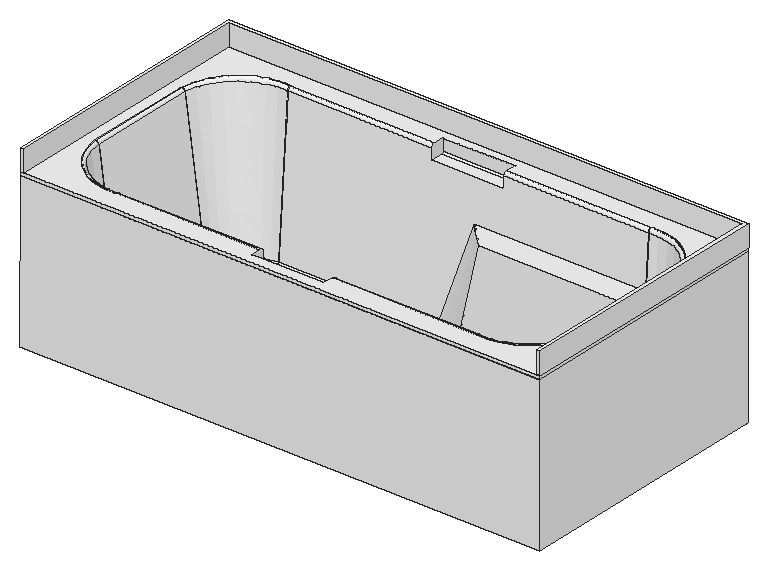
Revit family "Bathtub-Aquatic-MONTROSE_II", category Plumbing Fixtures, Revit 2020
Family settings
  Round Connector Dimension = Use Radius
  Part Type = Normal
  OmniClass Number = 23.45.05.14.21.17
  OmniClass Title = Therapeutic Whirlpool Baths
  Work Plane-Based = No
  Always vertical = Yes
  Cut with Voids When Loaded = No
  Shared = No
  Room Calculation Point = No
Parameters (values of type "72" x 36" x 21 3/4"")
  Width = 6' - 0"  # constant formula
  Whirlpool = yes
  Water Supply = "MONTROSE II Supply"  # constant formula
  URL = "http://www.aquaticbath.com"
  Type Comments = "MONTROSE II"  # constant formula
  Tag = "BATHTUB"
  Supply Radius = 0' - 0 1/2"
  Series = "Hydrotherapy"  # constant formula
  Revision Date = "5/1/2012"  # constant formula
  Model = if(Whirlpool, "4272621", "427620")  # "4272621"
  MasterFormat Title = "Resitential Bathtubs"  # constant formula
  MasterFormat Number = "22.41.19"  # constant formula
  Manufacturer = "Aquatic"  # constant formula
  LEED = ""
  Height = 1' - 9 3/4"  # constant formula
  Flow = 0.0 L/s
  Drain Radius = 0' - 1"
  Description = "Acrylic Surface"  # constant formula
  Depth = 3' - 0"  # constant formula
  Default Elevation = 0' - 0"
  Created by = "CADdetails Ltd."  # constant formula
  Drain = "MONTROSE II Drain"  # constant formula
  Finish = Acrylic-Aquatic-White
  Assembly Code = "D2010710"
  Architectural Design Manual = "http://www.aquaticbath.com/Products/Hydrotherapy/Builders-Choice/MONTROSE-II.aspx"
  ADA = no
Reference planes (in)
  plane 1 "Center (Front/Back)": y = -6.42129
  plane 2 "x": z = 3.75
  plane 3 "Center (Left/Right)": x = 2.56352
  plane 4 "Left": x = -33.43648
  plane 5 "Right": x = 38.56352
  plane 6 "Top": z = 21.75
  plane 7 "Bottom": z = 0
  plane 8: x = -24.93648
  plane 9 "Back": y = 11.57871
  plane 10 "Front": y = -24.42129
  plane 11 "Plane Left": x = -31.43648
  plane 12 "Plane Right": x = 36.56352
  plane 13: y = 8.57871
  plane 14: y = -21.42129
Forms (in)
  Extrusion 1, solid, material "Acrylic-Aquatic-White" <- "Finish"
    sketch origin (0, 0, 3.75) x (1, 0, 0) y (0, 1, 0)
      loop
        arc (-22.43648, 5.9023) -> (-25.97202, 4.43784) -> (-27.43648, 0.9023) r 5
        line (-27.43648, 0.9023) -> (-27.43648, -13.99488)
        arc (-27.43648, -13.99488) -> (-25.97202, -17.53041) -> (-22.43648, -18.99488) r 5
        line (-22.43648, -18.99488) -> (27.56352, -18.99488)
        arc (27.56352, -18.99488) -> (31.09905, -17.53041) -> (32.56352, -13.99488) r 5
        line (32.56352, -13.99488) -> (32.56352, 0.9023)
        arc (32.56352, 0.9023) -> (31.09905, 4.43784) -> (27.56352, 5.9023) r 5
        line (27.56352, 5.9023) -> (-22.43648, 5.9023)
      loop
        circle (-24.93648, -6.42129) r 1
    from -3.75 to -3.5
  Extrusion 2, solid, not visible, detail levels fine
    sketch origin (0, 0, 3.75) x (1, 0, 0) y (0, 1, 0)
      loop
        circle (-24.93648, -6.42129) r 1
    from -3.75 to -3.5
  Sweep 3, solid, material "Acrylic-Aquatic-White" <- "Finish"
    path origin (0, 0, 3.75) x (1, 0, 0) y (0, 1, 0)
      loop
        line (-22.43648, -6.42129) -> (27.56352, -6.42129)
    profile origin (2.56352, -6.42129, 3.75) x (0, 1, 0) y (0, 0, 1)
      loop
        line (14.51884, 17.5949) -> (12.93789, -2.94688)
        arc (12.93789, -2.94688) -> (12.7369, -3.34135) -> (12.32359, -3.5) r 0.61768
        line (12.32359, -3.5) -> (12.32359, -3.75) -> (13.35623, -3.75) -> (14.89196, 16) -> (16.5, 16) -> (16.5, 18) -> (14.96875, 18)
        arc (14.96875, 18) -> (14.66604, 17.8838) -> (14.51884, 17.5949) r 0.45239
      loop
        arc (-14.76884, 17.5949) -> (-14.91605, 17.8838) -> (-15.21875, 18) r 0.45239
        line (-15.21875, 18) -> (-16.75, 18) -> (-16.75, 16) -> (-15.14196, 16) -> (-13.60623, -3.75) -> (-12.57359, -3.75) -> (-12.57359, -3.5)
        arc (-12.57359, -3.5) -> (-12.9869, -3.34135) -> (-13.18789, -2.94688) r 0.61768
        line (-13.18789, -2.94688) -> (-14.76884, 17.5949)
  SweptBlend 4, solid, material "Acrylic-Aquatic-White" <- "Finish"
    path origin (-1.12409, -9.85259, 3.75) x (1, 0, 0) y (0, -1, 0)
      loop
        arc (28.6876, 9.14228) -> (32.22314, 7.67782) -> (33.6876, 4.14228) r 5
    profile origin (27.56352, -18.99488, 3.75) x (0, 1, 0) y (0, 0, 1)
      loop
        arc (-2.19525, 17.5949) -> (-2.34245, 17.8838) -> (-2.64516, 18) r 0.45239
        line (-2.64516, 18) -> (-2.67641, 18) -> (-2.67641, 17.38944) -> (-1.03264, -3.75) -> (0, -3.75) -> (0, -3.5)
        arc (0, -3.5) -> (-0.41331, -3.34135) -> (-0.6143, -2.94688) r 0.61768
        line (-0.6143, -2.94688) -> (-2.19525, 17.5949)
    end profile origin (32.56352, -13.99488, 3.75) x (-1, 0, 0) y (0, 0, 1)
      loop
        arc (-3.52455, 17.63327) -> (-3.68074, 17.89647) -> (-3.96875, 18) r 0.45239
        line (-3.96875, 18) -> (-4, 18) -> (-4, 17.45821) -> (-0.97095, -3.75) -> (0, -3.75) -> (0, -3.5)
        arc (0, -3.5) -> (-0.39325, -3.35864) -> (-0.60651, -2.99927) r 0.61768
        line (-0.60651, -2.99927) -> (-3.52455, 17.63327)
  Extrusion 5, solid, material "Acrylic-Aquatic-White" <- "Finish"
    sketch origin (0, -6.42129, 0) x (1, 0, 0) y (0, 0, 1)
      loop
        line (36.08806, 21.38321) -> (33.17002, 0.75073)
        arc (33.17002, 0.75073) -> (32.95677, 0.39136) -> (32.56352, 0.25) r 0.61768
        line (32.56352, 0.25) -> (32.56352, 0) -> (33.53447, 0) -> (36.56352, 21.20821) -> (36.56352, 21.75) -> (36.53229, 21.75)
        arc (36.53229, 21.75) -> (36.24425, 21.64645) -> (36.08806, 21.38321) r 0.45241
      loop
        arc (-30.96102, 21.38321) -> (-31.11721, 21.64645) -> (-31.40526, 21.75) r 0.45241
        line (-31.40526, 21.75) -> (-31.43648, 21.75) -> (-31.43648, 21.20821) -> (-28.40744, 0) -> (-27.43648, 0) -> (-27.43648, 0.25)
        arc (-27.43648, 0.25) -> (-27.82973, 0.39136) -> (-28.04299, 0.75073) r 0.61768
        line (-28.04299, 0.75073) -> (-30.96102, 21.38321)
    from -7.32359 to 7.57359
  Extrusion 6, solid, material "Acrylic-Aquatic-White" <- "Finish"
    sketch origin (-61.16723, -60, 21.75) x (-1, 0, 0) y (0, -1, 0)
      loop
        line (-27.73075, -71.57871) -> (-27.73075, -35.57871) -> (-99.73075, -35.57871) -> (-99.73075, -71.57871) -> (-27.73075, -71.57871)
      loop
        line (-29.73075, -60.9023) -> (-29.73075, -46.00512)
        spline (-29.73075, -46.00512) -> (-29.91748, -44.84494) -> (-30.25103, -43.73311) -> (-30.72173, -42.6878) -> (-31.31868, -41.72594) -> (-32.02833, -40.8623) -> (-32.83494, -40.10959) -> (-33.72196, -39.47785) -> (-34.67204, -38.97528) -> (-35.6665, -38.60759) -> (-36.68669, -38.3777) -> (-37.71424, -38.28536) -> (-38.73075, -38.32871)
        line (-38.73075, -38.32871) -> (-88.73075, -38.32871)
        spline (-88.73075, -38.32871) -> (-89.74726, -38.28536) -> (-90.77481, -38.3777) -> (-91.795, -38.60759) -> (-92.78946, -38.97528) -> (-93.73954, -39.47785) -> (-94.62655, -40.10959) -> (-95.43316, -40.8623) -> (-96.14282, -41.72594) -> (-96.73977, -42.6878) -> (-97.21047, -43.73311) -> (-97.54402, -44.84494) -> (-97.73075, -46.00512)
        line (-97.73075, -46.00512) -> (-97.73075, -60.9023)
        spline (-97.73075, -60.9023) -> (-97.54402, -62.06249) -> (-97.21047, -63.17432) -> (-96.73977, -64.21963) -> (-96.14282, -65.18149) -> (-95.43316, -66.04512) -> (-94.62655, -66.79784) -> (-93.73954, -67.42958) -> (-92.78946, -67.93215) -> (-91.795, -68.29983) -> (-90.77481, -68.52973) -> (-89.74726, -68.62207) -> (-88.73075, -68.57871)
        line (-88.73075, -68.57871) -> (-38.73075, -68.57871)
        spline (-38.73075, -68.57871) -> (-37.71424, -68.62207) -> (-36.68669, -68.52973) -> (-35.6665, -68.29983) -> (-34.67204, -67.93215) -> (-33.72196, -67.42958) -> (-32.83494, -66.79784) -> (-32.02833, -66.04512) -> (-31.31868, -65.18149) -> (-30.72173, -64.21963) -> (-30.25103, -63.17432) -> (-29.91748, -62.06249) -> (-29.73075, -60.9023)
    from 0 to -0.5
  SweptBlend 7, solid, material "Acrylic-Aquatic-White" <- "Finish"
    path origin (6.12703, 0.32359, 3.75) x (-1, 0, 0) y (0, 1, 0)
      loop
        arc (28.56352, 5.57871) -> (32.09905, 4.11425) -> (33.56352, 0.57871) r 5
    profile origin (-22.43648, 5.9023, 3.75) x (0, -1, 0) y (0, 0, 1)
      loop
        arc (-2.19525, 17.5949) -> (-2.34245, 17.8838) -> (-2.64516, 18) r 0.45239
        line (-2.64516, 18) -> (-2.67641, 18) -> (-2.67641, 17.38944) -> (-1.03264, -3.75) -> (0, -3.75) -> (0, -3.5)
        arc (0, -3.5) -> (-0.41331, -3.34135) -> (-0.6143, -2.94688) r 0.61768
        line (-0.6143, -2.94688) -> (-2.19525, 17.5949)
    end profile origin (-27.43648, 0.9023, 3.75) x (1, 0, 0) y (0, 0, 1)
      loop
        arc (-3.52455, 17.63327) -> (-3.68074, 17.89647) -> (-3.96875, 18) r 0.45239
        line (-3.96875, 18) -> (-4, 18) -> (-4, 17.45821) -> (-0.97095, -3.75) -> (0, -3.75) -> (0, -3.5)
        arc (0, -3.5) -> (-0.39325, -3.35864) -> (-0.60651, -2.99927) r 0.61768
        line (-0.60651, -2.99927) -> (-3.52455, 17.63327)
  SweptBlend 8, solid, material "Acrylic-Aquatic-White" <- "Finish"
    path origin (6.25112, -9.85259, 3.75) x (-1, 0, 0) y (0, -1, 0)
      loop
        arc (28.6876, 9.14228) -> (32.22314, 7.67782) -> (33.6876, 4.14228) r 5
    profile origin (-22.43648, -18.99488, 3.75) x (0, -1, 0) y (0, 0, 1)
      loop
        line (2.19525, 17.5949) -> (0.6143, -2.94688)
        arc (0.6143, -2.94688) -> (0.41331, -3.34135) -> (0, -3.5) r 0.61768
        line (0, -3.5) -> (0, -3.75) -> (1.03264, -3.75) -> (2.67641, 17.38944) -> (2.67641, 18) -> (2.64516, 18)
        arc (2.64516, 18) -> (2.34245, 17.8838) -> (2.19525, 17.5949) r 0.45239
    end profile origin (-27.43648, -13.99488, 3.75) x (-1, 0, 0) y (0, 0, 1)
      loop
        line (3.52455, 17.63327) -> (0.60651, -2.99927)
        arc (0.60651, -2.99927) -> (0.39325, -3.35864) -> (0, -3.5) r 0.61768
        line (0, -3.5) -> (0, -3.75) -> (0.97095, -3.75) -> (4, 17.45821) -> (4, 18) -> (3.96875, 18)
        arc (3.96875, 18) -> (3.68074, 17.89647) -> (3.52455, 17.63327) r 0.45239
  SweptBlend 9, solid, material "Acrylic-Aquatic-White" <- "Finish"
    path origin (-1, 0.32359, 3.75) x (1, 0, 0) y (0, 1, 0)
      loop
        arc (28.56352, 5.57871) -> (32.09905, 4.11425) -> (33.56352, 0.57871) r 5
    profile origin (27.56352, 5.9023, 3.75) x (0, 1, 0) y (0, 0, 1)
      loop
        line (2.19525, 17.5949) -> (0.6143, -2.94688)
        arc (0.6143, -2.94688) -> (0.41331, -3.34135) -> (0, -3.5) r 0.61768
        line (0, -3.5) -> (0, -3.75) -> (1.03264, -3.75) -> (2.67641, 17.38944) -> (2.67641, 18) -> (2.64516, 18)
        arc (2.64516, 18) -> (2.34245, 17.8838) -> (2.19525, 17.5949) r 0.45239
    end profile origin (32.56352, 0.9023, 3.75) x (1, 0, 0) y (0, 0, 1)
      loop
        line (3.52455, 17.63327) -> (0.60651, -2.99927)
        arc (0.60651, -2.99927) -> (0.39325, -3.35864) -> (0, -3.5) r 0.61768
        line (0, -3.5) -> (0, -3.75) -> (0.97095, -3.75) -> (4, 17.45821) -> (4, 18) -> (3.96875, 18)
        arc (3.96875, 18) -> (3.68074, 17.89647) -> (3.52455, 17.63327) r 0.45239
  Extrusion 10, void
    sketch origin (2.56352, 0, 0) x (0, 1, 0) y (0, 0, 1)
      loop
        line (10.01621, 21.75) -> (7.84936, 21.75) -> (7.84936, 19.8125) -> (9.76621, 19.8125)
        arc (9.76621, 19.8125) -> (9.94299, 19.88572) -> (10.01621, 20.0625) r 0.25
        line (10.01621, 20.0625) -> (10.01621, 21.75)
      loop
        line (-23.10879, 21.75) -> (-23.10879, 20.0625)
        arc (-23.10879, 20.0625) -> (-23.03557, 19.88572) -> (-22.85879, 19.8125) r 0.25
        line (-22.85879, 19.8125) -> (-20.93766, 19.8125) -> (-20.93766, 21.75) -> (-23.10879, 21.75)
    from -5 to 5
  Blend 11, solid, material "Acrylic-Aquatic-White" <- "Finish", detail levels medium+fine
    base sketch origin (0, 0, 3.75) x (1, 0, 0) y (0, 1, 0)
      loop
        line (27.56352, 6.5166) -> (-0.88264, 6.5166) -> (4.31352, 3.5166) -> (30.55576, 3.5166)
        arc (30.55576, 3.5166) -> (32.40435, 2.75089) -> (33.17006, 0.9023) r 2.6143
        spline (33.17006, 0.9023) -> (33.1225, 1.63462) -> (32.97977, 2.35446) -> (32.74432, 3.04952) -> (32.42016, 3.7079) -> (32.01286, 4.31835) -> (31.52937, 4.87041) -> (30.97796, 5.35464) -> (30.36807, 5.76277) -> (29.71014, 6.08781) -> (29.0154, 6.3242) -> (28.29576, 6.4679) -> (27.56352, 6.5166)
    top sketch origin (0, 0, 3.75) x (1, 0, 0) y (0, 1, 0)
      loop
        line (28.55289, 8.0166) -> (3.31352, 8.0166) -> (7.31352, 4.0166) -> (32.55576, 4.0166)
        arc (32.55576, 4.0166) -> (34.40536, 3.24987) -> (35.17006, 1.39943) r 2.6143
        arc (35.17006, 1.39943) -> (33.23193, 6.07848) -> (28.55289, 8.0166) r 6.61717
    from -3.75 to 10.57422
  Blend 12, solid, material "Acrylic-Aquatic-White" <- "Finish", detail levels medium+fine
    base sketch origin (0, 0, 0) x (-1, 0, 0) y (0, -1, 0)
      loop
        spline (-27.56352, 19.60918) -> (-28.296, 19.56044) -> (-29.01587, 19.41665) -> (-29.7108, 19.18011) -> (-30.3689, 18.85487) -> (-30.97891, 18.44649) -> (-31.53038, 17.96197) -> (-32.01388, 17.40959) -> (-32.42112, 16.79882) -> (-32.74514, 16.14011) -> (-32.98039, 15.44473) -> (-33.12284, 14.72459) -> (-33.17006, 13.99201)
        arc (-33.17006, 13.99201) -> (-32.40536, 15.84245) -> (-30.55576, 16.60918) r 2.6143
        line (-30.55576, 16.60918) -> (-4.31352, 16.60918) -> (0.88264, 19.60918) -> (-27.56352, 19.60918)
    top sketch origin (0, 0, 0) x (-1, 0, 0) y (0, -1, 0)
      loop
        arc (-28.55289, 21.10918) -> (-33.23193, 19.17105) -> (-35.17006, 14.49201) r 6.61717
        arc (-35.17006, 14.49201) -> (-34.40536, 16.34245) -> (-32.55576, 17.10918) r 2.6143
        line (-32.55576, 17.10918) -> (-7.31352, 17.10918) -> (-3.31352, 21.10918) -> (-28.55289, 21.10918)
    from 0 to 14.32422
  Extrusion 13, solid, material "Acrylic-Aquatic-White" <- "Finish"
    sketch origin (0, 0, 0) x (-1, 0, 0) y (0, -1, 0)
      loop
        line (33.43648, -11.57871) -> (33.43648, 24.42129) -> (-38.56352, 24.42129) -> (-38.56352, -11.57871) -> (33.43648, -11.57871)
      loop
        line (33.31148, -11.45371) -> (33.31148, 24.29629) -> (-38.43852, 24.29629) -> (-38.43852, -11.45371) -> (33.31148, -11.45371)
    from 0 to 21.25
  Extrusion 14, solid, material "Acrylic-Aquatic-White" <- "Finish", detail levels fine
    sketch origin (-61.16723, -60, 21.75) x (-1, 0, 0) y (0, -1, 0)
      loop
        line (-27.73075, -71.57871) -> (-27.73075, -35.57871) -> (-28.23075, -35.57871) -> (-28.23075, -71.07871) -> (-99.23075, -71.07871) -> (-99.23075, -35.57871) -> (-99.73075, -35.57871) -> (-99.73075, -71.57871) -> (-27.73075, -71.57871)
    from 0 to 3
Cuts and joins
  Extrusion 10 cuts Extrusion 1
  Extrusion 10 cuts Extrusion 5
  joined: Extrusion 1, Extrusion 5
  Extrusion 10 cuts Sweep 3
  Extrusion 10 cuts Extrusion 6
  joined: Sweep 3, Extrusion 6
  joined: Blend 11, Blend 12
Lines and regions (in)
  Masking region 1, detail levels coarse
    outline origin (0, 11.57871, 0) x (-1, 0, 0) y (0, 0, 1)
      loop
        line (33.43648, 21.75) -> (-38.56352, 21.75) -> (-38.56352, 0) -> (33.43648, 0) -> (33.43648, 21.75)
  Masking region 2, detail levels coarse
    outline origin (38.56352, 0, 0) x (0, 1, 0) y (0, 0, 1)
      loop
        line (11.57871, 21.75) -> (-24.42129, 21.75) -> (-24.42129, 0) -> (11.57871, 0) -> (11.57871, 21.75)
  Masking region 3
    outline origin (0, 0, 3.75) x (1, 0, 0) y (0, 1, 0)
      loop
        line (-33.43648, 11.57871) -> (-33.43648, -24.42129) -> (38.56352, -24.42129) -> (38.56352, 11.57871) -> (-33.43648, 11.57871)
  Masking region 4, detail levels medium+fine
    outline origin (-59.6519, -64.15549, 68) x (-1, 0, 0) y (0, -1, 0)
      loop
        line (-57.21542, -74.1717) -> (-57.21542, -72.7342) -> (-37.21542, -72.7342)
        spline (-37.21542, -72.7342) -> (-36.19891, -72.77756) -> (-35.17136, -72.68522) -> (-34.15117, -72.45532) -> (-33.15671, -72.08764) -> (-32.20663, -71.58507) -> (-31.31962, -70.95333) -> (-30.51301, -70.20061) -> (-29.80335, -69.33698) -> (-29.2064, -68.37512) -> (-28.7357, -67.32981) -> (-28.40215, -66.21798) -> (-28.21542, -65.05779)
        line (-28.21542, -65.05779) -> (-28.21542, -50.16061)
        spline (-28.21542, -50.16061) -> (-28.39952, -49.01676) -> (-28.72838, -47.92057) -> (-29.19246, -46.88998) -> (-29.781, -45.94165) -> (-30.48067, -45.09017) -> (-31.27593, -44.34805) -> (-32.15046, -43.72521) -> (-33.08717, -43.2297) -> (-34.06763, -42.8672) -> (-35.07346, -42.64053) -> (-36.08655, -42.5495) -> (-37.08876, -42.59224)
        line (-37.08876, -42.59224) -> (-57.21542, -42.59224) -> (-57.21542, -41.15474) -> (-67.21542, -41.15474) -> (-67.21542, -42.59224) -> (-87.34209, -42.59224)
        spline (-87.34209, -42.59224) -> (-88.34429, -42.5495) -> (-89.35738, -42.64053) -> (-90.36321, -42.8672) -> (-91.34368, -43.2297) -> (-92.28038, -43.72521) -> (-93.15491, -44.34805) -> (-93.95017, -45.09017) -> (-94.64984, -45.94165) -> (-95.23839, -46.88998) -> (-95.70247, -47.92057) -> (-96.03132, -49.01676) -> (-96.21542, -50.16061)
        line (-96.21542, -50.16061) -> (-96.21542, -65.05779)
        spline (-96.21542, -65.05779) -> (-96.02869, -66.21798) -> (-95.69514, -67.32981) -> (-95.22444, -68.37512) -> (-94.62749, -69.33698) -> (-93.91783, -70.20061) -> (-93.11122, -70.95333) -> (-92.22421, -71.58507) -> (-91.27413, -72.08764) -> (-90.27967, -72.45532) -> (-89.25948, -72.68522) -> (-88.23193, -72.77756) -> (-87.21542, -72.7342)
        line (-87.21542, -72.7342) -> (-67.21542, -72.7342) -> (-67.21542, -74.1717) -> (-57.21542, -74.1717)
      loop
        line (-63.96542, -67.67529) -> (-58.76927, -70.67209) -> (-37.21542, -70.67209)
        spline (-37.21542, -70.67209) -> (-36.48175, -70.62319) -> (-35.76075, -70.47893) -> (-35.06481, -70.24163) -> (-34.40588, -69.91537) -> (-33.79527, -69.50574) -> (-33.24347, -69.01978) -> (-32.75996, -68.46584) -> (-32.35304, -67.85344) -> (-32.02969, -67.19307) -> (-31.79547, -66.4961) -> (-31.65441, -65.77448) -> (-31.60891, -65.0406)
        line (-31.60891, -65.0406) -> (-31.60891, -50.17728)
        spline (-31.60891, -50.17728) -> (-31.65448, -49.44344) -> (-31.7956, -48.72187) -> (-32.02986, -48.02495) -> (-32.35324, -47.36464) -> (-32.76018, -46.75229) -> (-33.24369, -46.19841) -> (-33.79547, -45.71251) -> (-34.40606, -45.30293) -> (-35.06496, -44.9767) -> (-35.76085, -44.73944) -> (-36.4818, -44.5952) -> (-37.21542, -44.54648)
        line (-37.21542, -44.54648) -> (-58.76927, -44.54631) -> (-63.96542, -47.54631) -> (-87.20767, -47.54631)
        arc (-87.20767, -47.54631) -> (-89.08501, -48.34123) -> (-89.82068, -50.24257) r 2.6143
        line (-89.82068, -50.24257) -> (-89.82068, -65.06291)
        arc (-89.82068, -65.06291) -> (-89.05553, -66.91014) -> (-87.20829, -67.67529) r 2.61239
        line (-87.20829, -67.67529) -> (-63.96542, -67.67529)
  Masking region 5, detail levels medium+fine
    outline origin (38.56352, 0, 0) x (0, 1, 0) y (0, 0, 1)
      loop
        line (8.14013, 21.75) -> (6.6149, 2.25) -> (-19.72198, 2.25) -> (-21.22275, 21.75) -> (-24.42129, 21.75) -> (-24.42129, 21.5) -> (-23.17129, 21.5) -> (-23.17129, 19.75) -> (-21.31097, 19.75) -> (-19.92262, 2) -> (6.97688, 2) -> (8.36523, 19.75) -> (10.07871, 19.75) -> (10.07871, 21.5) -> (11.57871, 21.5) -> (11.57871, 21.75) -> (8.14013, 21.75)
  Masking region 6, detail levels fine
    outline origin (0, 0, 3) x (-1, 0, 0) y (0, -1, 0)
      loop
        circle (24.93648, 6.42129) r 1
      loop
        line (-28.55289, -8.0166) -> (-3.31352, -8.0166) -> (-7.31352, -4.0166) -> (-32.55576, -4.0166)
        arc (-32.55576, -4.0166) -> (-34.40536, -3.24987) -> (-35.17006, -1.39943) r 2.6143
        arc (-35.17006, -1.39943) -> (-33.23193, -6.07848) -> (-28.55289, -8.0166) r 6.61717
      loop
        arc (-28.55289, 21.10918) -> (-33.23193, 19.17105) -> (-35.17006, 14.49201) r 6.61717
        arc (-35.17006, 14.49201) -> (-34.40536, 16.34245) -> (-32.55576, 17.10918) r 2.6143
        line (-32.55576, 17.10918) -> (-7.31352, 17.10918) -> (-3.31352, 21.10918) -> (-28.55289, 21.10918)
  Masking region 7, detail levels medium+fine
    outline origin (0, -24.42129, 0) x (-1, 0, 0) y (0, 0, 1)
      loop
        line (33.43648, 21.75) -> (-38.56352, 21.75) -> (-38.56352, 21.25) -> (33.43648, 21.25) -> (33.43648, 21.75)
  Masking region 8, detail levels medium+fine
    outline origin (0, -24.42129, 0) x (-1, 0, 0) y (0, 0, 1)
      loop
        line (31.44245, 21.25) -> (-34.56949, 21.25) -> (-31.53447, 0) -> (28.40744, 0) -> (31.44245, 21.25)
  Masking region 9, detail levels fine
    outline origin (2.56352, 0, 0) x (0, 1, 0) y (0, 0, 1)
      loop
        line (-0.92129, 2) -> (-2.42129, 2) -> (-2.42129, 0) -> (-0.92129, 0) -> (-0.92129, 2)
      loop
        line (-11.92129, 2) -> (-11.92129, 0) -> (-10.42129, 0) -> (-10.42129, 2) -> (-11.92129, 2)
  Masking region 10, detail levels fine
    outline origin (0, -24.42129, 0) x (-1, 0, 0) y (0, 0, 1)
      loop
        arc (-34.56352, 5.14356) -> (-34.98238, 6.36831) -> (-36.06352, 7.08006) r 2
        line (-36.06352, 7.08006) -> (-36.06352, 7.32511) -> (-33.31352, 5.7374) -> (29.62162, 5.7374)
        arc (29.62162, 5.7374) -> (30.12162, 6.2374) -> (29.62162, 6.7374) r 0.5
        line (29.62162, 6.7374) -> (-33.04557, 6.7374) -> (-36.36126, 8.65172)
        arc (-36.36126, 8.65172) -> (-36.83635, 8.61345) -> (-37.06352, 8.19445) r 0.5
        line (-37.06352, 8.19445) -> (-37.06352, 7.08006)
        arc (-37.06352, 7.08006) -> (-38.14466, 6.36831) -> (-38.56352, 5.14356) r 2
        line (-38.56352, 5.14356) -> (-38.56352, 0) -> (-32.56352, 0) -> (-32.56352, 1.5) -> (-34.56352, 1.5) -> (-34.56352, 1.75) -> (25.93648, 1.75)
        arc (25.93648, 1.75) -> (26.93648, 2.75) -> (25.93648, 3.75) r 1
        line (25.93648, 3.75) -> (-34.56352, 3.75) -> (-34.56352, 5.14356)
  symbolic lines, detail levels coarse
    curve 1: line (-33.43648, -21.92129, 21.75) -> (38.56352, -21.92129, 0)
    curve 2: line (-33.43648, -21.92129, 0) -> (38.56352, -21.92129, 21.75)
    curve 3: line (2.56352, 11.57871, 21.75) -> (2.56352, -24.42129, 0)
    curve 4: line (2.56352, 11.57871, 0) -> (2.56352, -24.42129, 21.75)
  symbolic lines, style "PlumbingFixturesHiddenLines", detail levels coarse
    curve 5: line (-33.43648, 11.57871, 19.25) -> (38.56352, -24.42129, 19.25)
    curve 6: line (38.56352, 11.57871, 19.25) -> (-33.43648, -24.42129, 19.25)
  reference lines
    curve 7: line (2.56352, 11.57871, 3.75) -> (2.56352, -24.42129, 3.75)
  symbolic lines, detail levels medium+fine
    curve 8: line (-31.43648, -1.33182, 0) -> (-31.43648, -11.70276, 0)
    curve 9: line (-31.43648, 8.57871, 21.75) -> (-31.43648, -24.42129, 21.75)
  symbolic lines, detail levels fine
    curve 10: line (3.31352, 8.0166, 0) -> (-2.43648, 8.0166, 0)
    curve 11: line (-2.43648, 8.0166, 0) -> (-2.43648, 8.57871, 0)
    curve 12: line (3.31352, -21.10918, 0) -> (-2.43648, -21.10918, 0)
    curve 13: line (-2.43648, -21.10918, 0) -> (-2.43648, -21.56325, 0)
Dimensions and locks (in)
  "Width": plane 4 "Left" to plane 5 "Right"
  equal spacing: plane 4 "Left", plane 3 "Center (Left/Right)", plane 5 "Right"
  locked: plane 2 "x" to plane 7 "Bottom" at 3.75
  "Height": plane 6 "Top" to plane 7 "Bottom"
  locked: plane 4 "Left" to plane 8 at 8.5
  "Depth": plane 9 "Back" to plane 10 "Front"
  equal spacing: plane 9 "Back", plane 1 "Center (Front/Back)", plane 10 "Front"
  locked: Extrusion 1 sketch curve to plane 12 "Plane Right" at 4
  locked: plane 13 to Extrusion 1 sketch curve at 2.67641
  locked: Extrusion 1 sketch curve to plane 10 "Front" at 5.42641
  locked: plane 4 "Left" to plane 11 "Plane Left" at 2
  locked: plane 12 "Plane Right" to plane 5 "Right" at 2
  plane 9 "Back" to plane 13 = 0' - 3"
  curve 8 to plane 1 "Center (Front/Back)" to curve 8 = 0' - 5.28147", 0' - 5.08947"
  plane 13 to Masking region 5 sketch curve to Masking region 5 sketch curve to Masking region 5 sketch curve = 0' - 0.21348" locked, 0' - 0.2251" locked, 0' - 1.16325" locked
  Masking region 5 sketch curve to Masking region 5 sketch curve to Masking region 5 sketch curve to Masking region 5 sketch curve to plane 10 "Front" = 0' - 1.50078" locked, 0' - 1.94854" locked, 0' - 1 1/4" locked, 0' - 0" locked
  plane 6 "Top" to Sweep 3 sketch curve to Sweep 3 sketch curve = 0' - 0.45239", 0' - 1.54761"
  Sweep 3 sketch curve to plane 7 "Bottom" = 0' - 0.86768"
  Sweep 3 sketch curve to Sweep 3 sketch curve to Sweep 3 sketch curve to plane 13 to Sweep 3 sketch curve = 0' - 0" locked, 0' - 2.64516" locked, 0' - 0 1/32" locked, 0' - 1 1/2" locked
  locked: Sweep 3 sketch curve to plane 12 "Plane Right" at 9
  profile plane to SweptBlend 4 sketch curve to SweptBlend 4 sketch curve to SweptBlend 4 sketch curve to SweptBlend 4 sketch curve = 0' - 0" locked, 0' - 0" locked, 0' - 2.64516" locked, 0' - 0 1/32" locked
  SweptBlend 4 sketch curve to SweptBlend 4 sketch curve to profile plane = 0' - 0 1/32" locked, 0' - 3 31/32" locked
  locked: SweptBlend 4 sketch curve to plane 10 "Front" at 10.42641
  locked: SweptBlend 4 sketch curve to plane 12 "Plane Right" at 9
  locked: plane 6 "Top" to SweptBlend 4 sketch curve at 0.45239  (x2)
  locked: SweptBlend 4 sketch curve to plane 7 "Bottom" at 0.86768  (x2)
  Extrusion 5 sketch curve to Extrusion 5 sketch curve to Extrusion 5 sketch curve to plane 12 "Plane Right" to Extrusion 5 sketch curve = 0' - 0" locked, 0' - 3.96877" locked, 0' - 0.03123" locked, 0' - 0" locked
  locked: plane 6 "Top" to Extrusion 5 sketch curve at 0.45242  (x2)
  locked: Extrusion 5 sketch curve to plane 7 "Bottom" at 0.86768  (x2)
  locked: cut or joined group of Extrusion 1, Extrusion 5, Extrusion 10 to plane 7 "Bottom" at 0.25
  locked: Extrusion 6 sketch curve to plane 10 "Front" at 2.75
  locked: plane 6 "Top" to Extrusion 6 at 0.5
  locked: plane 6 "Top" to Masking region 5 sketch curve at 0.25  (x2)
  locked: plane 11 "Plane Left" to Sweep 3 sketch curve at 9
  locked: plane 14 to plane 10 "Front" at 3
  locked: Sweep 3 sketch curve to plane 7 "Bottom" at 0.86768
  locked: plane 6 "Top" to Sweep 3 sketch curve at 0.45239
  Sweep 3 sketch curve to Sweep 3 sketch curve to plane 14 to Sweep 3 sketch curve to Sweep 3 sketch curve = 0' - 0" locked, 0' - 2.42641" locked, 0' - 0 7/32" locked, 0' - 1 17/32" locked
  profile plane to SweptBlend 7 sketch curve to SweptBlend 7 sketch curve to SweptBlend 7 sketch curve to SweptBlend 7 sketch curve = 0' - 0" locked, 0' - 0" locked, 0' - 2.64516", 0' - 0 1/32" locked
  SweptBlend 7 sketch curve to SweptBlend 7 sketch curve to profile plane = 0' - 0 1/32" locked, 0' - 3 31/32" locked
  SweptBlend 8 sketch curve to SweptBlend 8 sketch curve to profile plane to SweptBlend 8 sketch curve to SweptBlend 8 sketch curve = 0' - 0 1/32" locked, 0' - 2.64516", 0' - 0" locked, 0' - 0" locked
  profile plane to SweptBlend 8 sketch curve to SweptBlend 8 sketch curve = 0' - 3 31/32" locked, 0' - 0 1/32" locked
  Extrusion 5 sketch curve to Extrusion 5 sketch curve to Extrusion 5 sketch curve to plane 11 "Plane Left" = 0' - 0" locked, 0' - 3.96877" locked, 0' - 0.03123" locked
  SweptBlend 9 sketch curve to SweptBlend 9 sketch curve to profile plane to SweptBlend 9 sketch curve to SweptBlend 9 sketch curve = 0' - 0 1/32" locked, 0' - 2.64516", 0' - 0" locked, 0' - 0" locked
  profile plane to SweptBlend 9 sketch curve to SweptBlend 9 sketch curve = 0' - 3 31/32" locked, 0' - 0 1/32" locked
  locked: plane 6 "Top" to Masking region 7 sketch curve at 0.5
  Masking region 8 sketch curve to plane 11 "Plane Left" to Masking region 8 sketch curve = 0' - 3.02905" locked, 0' - 0.00597" locked
  Masking region 8 sketch curve to Masking region 8 sketch curve to plane 12 "Plane Right" = 0' - 3.03501" locked, 0' - 1.99403" locked
  locked: plane 6 "Top" to Masking region 8 sketch curve at 0.5
  Masking region 5 sketch curve to Masking region 5 sketch curve to plane 7 "Bottom" = 0' - 0 1/4" locked, 0' - 2" locked
  Masking region 9 sketch curve to Masking region 9 sketch curve to plane 1 "Center (Front/Back)" to Masking region 9 sketch curve to Masking region 9 sketch curve = 0' - 1 1/2" locked, 0' - 4" locked, 0' - 4" locked, 0' - 1 1/2" locked
  plane 5 "Right" to Masking region 10 sketch curve to Masking region 10 sketch curve to Masking region 10 sketch curve to Masking region 10 sketch curve to Masking region 10 sketch curve = 0' - 4" locked, 0' - 0" locked, 0' - 2" locked, 4' - 11 1/2" locked, 0' - 3.18514" locked
  Masking region 10 sketch curve to Masking region 10 sketch curve to Masking region 10 sketch curve to Masking region 10 sketch curve to Masking region 10 sketch curve to Masking region 10 sketch curve to Masking region 10 sketch curve to plane 7 "Bottom" = 0' - 1.6144" locked, 0' - 0.34265" locked, 0' - 1" locked, 0' - 1.9874" locked, 0' - 2" locked, 0' - 0 1/4" locked, 0' - 1 1/2" locked
  locked: plane 4 "Left" to Extrusion 13 sketch curve at 0.125
  locked: Extrusion 13 sketch curve to plane 5 "Right" at 0.125
  locked: plane 9 "Back" to Extrusion 13 sketch curve at 0.125
  locked: Extrusion 13 sketch curve to plane 10 "Front" at 0.125
  locked: plane 6 "Top" to Extrusion 13 at 0.5
  locked: plane 4 "Left" to Extrusion 14 sketch curve at 0.5
  locked: Extrusion 14 sketch curve to plane 5 "Right" at 0.5
  locked: plane 9 "Back" to Extrusion 14 sketch curve at 0.5
  "Drain Radius": radius of Extrusion 1 sketch curve
  "Drain Radius": radius of Extrusion 2 sketch curve
  aligned and locked: plane 1 "Center (Front/Back)" to nested 1
  aligned and locked: plane 3 "Center (Left/Right)" to nested 1
  aligned and locked: plane 6 "Top" to curve 1
  aligned and locked: plane 4 "Left" to curve 1
  aligned and locked: plane 6 "Top" to curve 2
  aligned and locked: plane 5 "Right" to curve 2
  aligned and locked: plane 4 "Left" to curve 2
  aligned and locked: plane 5 "Right" to curve 1
  aligned and locked: plane 6 "Top" to curve 3
  aligned and locked: plane 9 "Back" to curve 3
  aligned and locked: plane 4 "Left" to Masking region 1 sketch curve
  aligned and locked: Masking region 1 sketch curve to plane 5 "Right"
  aligned and locked: Masking region 1 sketch curve to plane 6 "Top"
  aligned and locked: Masking region 2 sketch curve to plane 9 "Back"
  aligned and locked: plane 10 "Front" to Masking region 2 sketch curve
  aligned and locked: Masking region 2 sketch curve to plane 6 "Top"
  aligned and locked: plane 1 "Center (Front/Back)" to Extrusion 1 sketch curve
  aligned and locked: plane 8 to Extrusion 1 sketch curve
  aligned: Extrusion 1 to plane 2 "x"
  aligned and locked: plane 4 "Left" to Masking region 3 sketch curve
  aligned and locked: Masking region 3 sketch curve to plane 9 "Back"
  aligned and locked: Masking region 3 sketch curve to plane 5 "Right"
  aligned and locked: plane 10 "Front" to Masking region 3 sketch curve
  aligned and locked: plane 1 "Center (Front/Back)" to Extrusion 2 sketch curve
  aligned and locked: plane 8 to Extrusion 2 sketch curve
  aligned: Extrusion 2 to plane 2 "x"
  aligned and locked: Extrusion 1 to Extrusion 2
  aligned and locked: plane 4 "Left" to curve 5
  aligned and locked: plane 9 "Back" to curve 5
  aligned and locked: plane 5 "Right" to curve 5
  aligned and locked: plane 4 "Left" to curve 6
  aligned and locked: plane 5 "Right" to curve 6
  aligned and locked: plane 9 "Back" to curve 6
  aligned and locked: plane 10 "Front" to curve 7
  aligned and locked: plane 9 "Back" to curve 7
  aligned and locked: curve 7 to plane 3 "Center (Left/Right)"
  aligned and locked: curve 8 to plane 11 "Plane Left"
  aligned and locked: Masking region 5 sketch curve to Masking region 5 sketch curve
  aligned and locked: Sweep 3 sketch curve to plane 6 "Top"
  aligned and locked: plane 7 "Bottom" to Sweep 3 sketch curve
  aligned and locked: profile plane to SweptBlend 4 sketch curve  (x2)
  aligned and locked: plane 6 "Top" to SweptBlend 4 sketch curve
  aligned and locked: SweptBlend 4 sketch curve to plane 7 "Bottom"
  aligned and locked: Extrusion 5 sketch curve to plane 7 "Bottom"
  aligned and locked: Extrusion 5 sketch curve to plane 6 "Top"
  aligned and locked: Extrusion 5 to SweptBlend 4
  aligned and locked: cut or joined group of Extrusion 1, Extrusion 5, Extrusion 10 to plane 7 "Bottom"
  aligned and locked: Extrusion 6 sketch curve to plane 4 "Left"
  aligned and locked: Extrusion 6 sketch curve to plane 9 "Back"
  aligned and locked: Extrusion 6 sketch curve to plane 5 "Right"
  aligned and locked: Extrusion 6 sketch curve to plane 13
  aligned and locked: Extrusion 6 sketch curve to plane 11 "Plane Left"
  aligned and locked: Extrusion 6 sketch curve to plane 12 "Plane Right"
  aligned and locked: Extrusion 6 to plane 6 "Top"
  aligned and locked: Extrusion 6 sketch curve to SweptBlend 4
  aligned and locked: Extrusion 6 sketch curve to cut or joined group of Extrusion 1, Extrusion 5, Extrusion 10
  aligned and locked: Extrusion 2 to plane 7 "Bottom"
  aligned and locked: Masking region 6 sketch curve to cut or joined group of Extrusion 1, Extrusion 5, Extrusion 10
  aligned and locked: Masking region 5 sketch curve to plane 9 "Back"
  aligned and locked: Masking region 5 sketch curve to plane 6 "Top"
  aligned and locked: Masking region 2 to curve 4
  aligned and locked: plane 10 "Front" to curve 4
  aligned and locked: curve 9 to plane 6 "Top"
  aligned and locked: plane 13 to curve 9
  aligned and locked: curve 9 to Masking region 5
  aligned and locked: plane 1 "Center (Front/Back)" to Sweep 3 sketch curve
  aligned and locked: Sweep 3 sketch curve to Sweep 3 sketch curve  (x2)
  aligned and locked: Sweep 3 sketch curve to plane 7 "Bottom"
  aligned and locked: profile plane to SweptBlend 7 sketch curve  (x2)
  aligned and locked: profile plane to SweptBlend 8 sketch curve  (x2)
  aligned and locked: Extrusion 5 sketch curve to plane 11 "Plane Left"
  aligned and locked: Extrusion 5 to SweptBlend 7
  aligned and locked: profile plane to SweptBlend 9 sketch curve  (x2)
  aligned and locked: plane 7 "Bottom" to Masking region 1 sketch curve
  aligned and locked: plane 7 "Bottom" to curve 1
  aligned and locked: plane 7 "Bottom" to curve 2
  aligned and locked: plane 4 "Left" to Masking region 7 sketch curve
  aligned and locked: Masking region 7 sketch curve to plane 5 "Right"
  aligned and locked: Masking region 7 sketch curve to plane 6 "Top"
  aligned and locked: plane 7 "Bottom" to Masking region 9 sketch curve
  aligned and locked: Masking region 9 sketch curve to plane 7 "Bottom"
  aligned and locked: Masking region 9 sketch curve to Masking region 5
  aligned and locked: Masking region 5 to Masking region 9 sketch curve
  aligned and locked: plane 7 "Bottom" to Masking region 2 sketch curve
  aligned and locked: plane 7 "Bottom" to curve 4
  aligned and locked: plane 9 "Back" to curve 4
  aligned and locked: plane 7 "Bottom" to curve 3
  aligned and locked: plane 10 "Front" to curve 3
  aligned and locked: Masking region 8 sketch curve to plane 7 "Bottom"
  aligned and locked: plane 7 "Bottom" to Masking region 10 sketch curve
  aligned and locked: Masking region 10 sketch curve to plane 5 "Right"
  aligned and locked: plane 4 "Left" to Extrusion 13 sketch curve
  aligned and locked: Extrusion 13 sketch curve to plane 5 "Right"
  aligned and locked: Extrusion 13 sketch curve to plane 9 "Back"
  aligned and locked: plane 10 "Front" to Extrusion 13 sketch curve
  aligned and locked: Extrusion 13 to plane 7 "Bottom"
  aligned and locked: Extrusion 6 sketch curve to plane 10 "Front"
  aligned and locked: plane 4 "Left" to Extrusion 14 sketch curve
  aligned and locked: Extrusion 14 sketch curve to plane 9 "Back"
  aligned and locked: Extrusion 14 sketch curve to plane 5 "Right"
  aligned and locked: Extrusion 14 sketch curve to plane 10 "Front"
  aligned and locked: plane 10 "Front" to Extrusion 14 sketch curve
Automatic sketch dimensions
  plane 8 to Extrusion 1 sketch curve = 0' - 2 1/2"
  Extrusion 1 sketch curve to plane 8 = 0' - 2 1/2"  (x2)
  Extrusion 1 sketch curve to Extrusion 1 sketch curve = 0' - 5"  (x2)
  curve 6 to plane 10 "Front" = 0' - 0"
  plane 10 "Front" to curve 5 = 0' - 0"
  Sweep 3 sketch curve to Sweep 3 sketch curve = 0' - 0.07679"  (x2)
  Sweep 3 sketch curve to Sweep 3 sketch curve = 0' - 0.44991"  (x2)
  Sweep 3 sketch curve to Sweep 3 sketch curve = 0' - 1.03264"
  Sweep 3 sketch curve to Sweep 3 sketch curve = 0' - 0.6143"  (x2)
  Sweep 3 sketch curve to plane 2 "x" = 0' - 2.94688"
  Sweep 3 sketch curve to Sweep 3 sketch curve = 0' - 0.41834"
  Sweep 3 sketch curve to Sweep 3 sketch curve = 0' - 0 1/4"
  Sweep 3 sketch curve to Sweep 3 sketch curve = 0' - 0.04729"
  SweptBlend 4 sketch curve to plane 12 "Plane Right" = 0' - 4"
  SweptBlend 4 sketch curve to SweptBlend 4 sketch curve = 0' - 0.44991"
  SweptBlend 4 sketch curve to SweptBlend 4 sketch curve = 0' - 1.03264"
  profile plane to SweptBlend 4 sketch curve = 0' - 0.6143"
  SweptBlend 4 sketch curve to SweptBlend 4 sketch curve = 0' - 0.06457"
  SweptBlend 4 sketch curve to SweptBlend 4 sketch curve = 0' - 0 1/4"  (x2)
  SweptBlend 4 sketch curve to SweptBlend 4 sketch curve = 0' - 0.15818"
  SweptBlend 4 sketch curve to SweptBlend 4 sketch curve = 0' - 0.4442"
  profile plane to SweptBlend 4 sketch curve = 0' - 0.97095"
  profile plane to SweptBlend 4 sketch curve = 0' - 0.60651"
  SweptBlend 4 sketch curve to SweptBlend 4 sketch curve = 0' - 0.0894"
  SweptBlend 4 sketch curve to SweptBlend 4 sketch curve = 0' - 0.08566"
  Extrusion 5 sketch curve to plane 6 "Top" = 0' - 0"
  Extrusion 5 sketch curve to plane 7 "Bottom" = 0' - 0"
  Extrusion 5 sketch curve to Extrusion 5 sketch curve = 0' - 0"  (x2)
  Extrusion 5 sketch curve to Extrusion 5 sketch curve = 0' - 0.44424"  (x2)
  Extrusion 5 sketch curve to Extrusion 5 sketch curve = 0' - 0.97095"
  plane 7 "Bottom" to Extrusion 5 sketch curve = 0' - 0.75073"
  Extrusion 5 sketch curve to Extrusion 5 sketch curve = 0' - 0.60651"  (x2)
  Extrusion 5 sketch curve to Extrusion 5 sketch curve = 0' - 0.36445"
  Extrusion 5 sketch curve to Extrusion 5 sketch curve = 0' - 0 1/4"
  Extrusion 5 sketch curve to Extrusion 5 sketch curve = 0' - 0.08937"  (x2)
  Extrusion 5 sketch curve to plane 6 "Top" = 0' - 0.36679"  (x2)
  plane 8 to SweptBlend 7 sketch curve = 0' - 2 1/2"
  SweptBlend 7 sketch curve to plane 8 = 0' - 2 1/2"
  plane 1 "Center (Front/Back)" to SweptBlend 7 sketch curve = 0' - 7.32359"
  SweptBlend 7 sketch curve to SweptBlend 7 sketch curve = 0' - 0.44991"
  SweptBlend 7 sketch curve to SweptBlend 7 sketch curve = 0' - 1.03264"
  profile plane to SweptBlend 7 sketch curve = 0' - 0.6143"
  SweptBlend 7 sketch curve to plane 2 "x" = 0' - 3 3/4"  (x2)
  SweptBlend 7 sketch curve to SweptBlend 7 sketch curve = 0' - 0 1/4"  (x2)
  SweptBlend 7 sketch curve to SweptBlend 7 sketch curve = 0' - 0.55312"
  plane 2 "x" to SweptBlend 7 sketch curve = 1' - 5.38944"
  SweptBlend 7 sketch curve to SweptBlend 7 sketch curve = 0' - 0.15818"
  SweptBlend 7 sketch curve to SweptBlend 7 sketch curve = 0' - 0.04729"
  SweptBlend 7 sketch curve to SweptBlend 7 sketch curve = 0' - 0.4442"
  SweptBlend 7 sketch curve to SweptBlend 7 sketch curve = 0' - 0.97095"
  profile plane to SweptBlend 7 sketch curve = 0' - 0.60651"
  SweptBlend 7 sketch curve to SweptBlend 7 sketch curve = 0' - 0.50073"
  plane 2 "x" to SweptBlend 7 sketch curve = 1' - 5.45821"
  SweptBlend 7 sketch curve to SweptBlend 7 sketch curve = 0' - 0.0894"
  SweptBlend 7 sketch curve to SweptBlend 7 sketch curve = 0' - 0.08566"
  SweptBlend 8 sketch curve to plane 8 = 0' - 2 1/2"
  plane 8 to SweptBlend 8 sketch curve = 0' - 2 1/2"
  SweptBlend 8 sketch curve to plane 14 = 0' - 7.42641"
  SweptBlend 8 sketch curve to profile plane = 0' - 0.6143"
  SweptBlend 8 sketch curve to SweptBlend 8 sketch curve = 0' - 0.41834"
  SweptBlend 8 sketch curve to SweptBlend 8 sketch curve = 0' - 0.44991"
  SweptBlend 8 sketch curve to plane 2 "x" = 0' - 3 3/4"  (x2)
  SweptBlend 8 sketch curve to SweptBlend 8 sketch curve = 0' - 0 1/4"  (x2)
  SweptBlend 8 sketch curve to SweptBlend 8 sketch curve = 0' - 0.55312"
  plane 2 "x" to SweptBlend 8 sketch curve = 1' - 5.38944"
  SweptBlend 8 sketch curve to SweptBlend 8 sketch curve = 0' - 0.15818"
  SweptBlend 8 sketch curve to SweptBlend 8 sketch curve = 0' - 0.04729"
  SweptBlend 8 sketch curve to profile plane = 0' - 0.60651"
  SweptBlend 8 sketch curve to SweptBlend 8 sketch curve = 0' - 0.36445"
  SweptBlend 8 sketch curve to SweptBlend 8 sketch curve = 0' - 0.4442"
  SweptBlend 8 sketch curve to SweptBlend 8 sketch curve = 0' - 0.50073"
  plane 2 "x" to SweptBlend 8 sketch curve = 1' - 5.45821"
  SweptBlend 8 sketch curve to SweptBlend 8 sketch curve = 0' - 0.0894"
  SweptBlend 8 sketch curve to SweptBlend 8 sketch curve = 0' - 0.08566"
  SweptBlend 9 sketch curve to plane 13 = 0' - 2.67641"
  plane 12 "Plane Right" to SweptBlend 9 sketch curve = 0' - 9"
  plane 12 "Plane Right" to SweptBlend 9 sketch curve = 0' - 4"
  SweptBlend 9 sketch curve to profile plane = 0' - 0.6143"
  SweptBlend 9 sketch curve to SweptBlend 9 sketch curve = 0' - 0.41834"
  SweptBlend 9 sketch curve to SweptBlend 9 sketch curve = 0' - 0.44991"
  SweptBlend 9 sketch curve to plane 2 "x" = 0' - 3 3/4"  (x2)
  SweptBlend 9 sketch curve to SweptBlend 9 sketch curve = 0' - 0 1/4"  (x2)
  SweptBlend 9 sketch curve to SweptBlend 9 sketch curve = 0' - 0.55312"
  plane 2 "x" to SweptBlend 9 sketch curve = 1' - 5.38944"
  SweptBlend 9 sketch curve to SweptBlend 9 sketch curve = 0' - 0.15818"
  SweptBlend 9 sketch curve to SweptBlend 9 sketch curve = 0' - 0.04729"
  SweptBlend 9 sketch curve to profile plane = 0' - 0.60651"
  SweptBlend 9 sketch curve to SweptBlend 9 sketch curve = 0' - 0.36445"
  SweptBlend 9 sketch curve to SweptBlend 9 sketch curve = 0' - 0.4442"
  SweptBlend 9 sketch curve to SweptBlend 9 sketch curve = 0' - 0.50073"
  plane 2 "x" to SweptBlend 9 sketch curve = 1' - 5.45821"
  SweptBlend 9 sketch curve to SweptBlend 9 sketch curve = 0' - 0.0894"
  SweptBlend 9 sketch curve to SweptBlend 9 sketch curve = 0' - 0.08566"
  Extrusion 10 sketch curve to plane 6 "Top" = 0' - 0"  (x2)
  plane 10 "Front" to Extrusion 10 sketch curve = 0' - 1 5/16"
  Extrusion 10 sketch curve to Extrusion 10 sketch curve = 0' - 0 1/4"  (x2)
  Extrusion 10 sketch curve to plane 14 = 0' - 0.48362"
  Extrusion 10 sketch curve to plane 13 = 0' - 0.72935"
  plane 13 to Extrusion 10 sketch curve = 0' - 1 3/16"
  Extrusion 10 sketch curve to plane 6 "Top" = 0' - 1 11/16"  (x2)
  Blend 11 sketch curve to plane 3 "Center (Left/Right)" = 0' - 3.44615"
  plane 3 "Center (Left/Right)" to Blend 11 sketch curve = 0' - 1 3/4"
  plane 12 "Plane Right" to Blend 11 sketch curve = 0' - 9.00436"
  Blend 11 sketch curve to plane 13 = 0' - 2.06227"
  Blend 11 sketch curve to Blend 11 sketch curve = 0' - 0.00436"
  Blend 11 sketch curve to Blend 11 sketch curve = 0' - 0"
  Blend 11 sketch curve to Blend 11 sketch curve = 0' - 2 201/256"
  Blend 11 sketch curve to Blend 11 sketch curve = 0' - 2.9966"
  Blend 11 sketch curve to Blend 11 sketch curve = 0' - 2.6143"
  Blend 11 sketch curve to Blend 11 sketch curve = 0' - 0.74251"
  Blend 11 sketch curve to plane 13 = 0' - 2.06211"
  plane 3 "Center (Left/Right)" to Blend 11 sketch curve = 0' - 0 3/4"
  plane 3 "Center (Left/Right)" to Blend 11 sketch curve = 0' - 4 3/4"
  plane 12 "Plane Right" to Blend 11 sketch curve = 0' - 8.01063"
  Blend 11 sketch curve to Blend 11 sketch curve = 0' - 4.00287"
  plane 12 "Plane Right" to Blend 11 sketch curve = 0' - 1.39346"
  Blend 11 sketch curve to plane 13 = 0' - 7.17928"
  Blend 11 sketch curve to Blend 11 sketch curve = 0' - 0.00287"
  plane 12 "Plane Right" to Blend 12 sketch curve = 0' - 3.39346"
  Blend 12 sketch curve to Blend 12 sketch curve = 0' - 2.61429"  (x2)
  Blend 12 sketch curve to Blend 12 sketch curve = 0' - 0.20708"
  Blend 12 sketch curve to Blend 12 sketch curve = 0' - 2 201/256"
  Blend 12 sketch curve to Blend 12 sketch curve = 0' - 0"
  Blend 12 sketch curve to Blend 12 sketch curve = 0' - 2.9966"
  plane 3 "Center (Left/Right)" to Blend 12 sketch curve = 0' - 1 3/4"
  Blend 12 sketch curve to plane 3 "Center (Left/Right)" = 0' - 3.44615"
  plane 10 "Front" to Blend 12 sketch curve = 0' - 10.42928"
  Blend 12 sketch curve to Blend 12 sketch curve = 0' - 0.00287"  (x2)
  Blend 12 sketch curve to Blend 12 sketch curve = 0' - 0.00318"
  Blend 12 sketch curve to Blend 12 sketch curve = 0' - 3"
  plane 12 "Plane Right" to Blend 12 sketch curve = 0' - 1.39346"
  Blend 12 sketch curve to plane 14 = 0' - 0.31211"
  Blend 12 sketch curve to Blend 12 sketch curve = 0' - 4.00287"
  plane 3 "Center (Left/Right)" to Blend 12 sketch curve = 0' - 4 3/4"
  plane 3 "Center (Left/Right)" to Blend 12 sketch curve = 0' - 0 3/4"
  plane 12 "Plane Right" to Masking region 6 sketch curve = 0' - 1.39346"  (x2)
  Masking region 6 sketch curve to Masking region 6 sketch curve = 0' - 0"  (x3)
  Masking region 6 sketch curve to Masking region 6 sketch curve = 0' - 2.61429"  (x2)
  Masking region 6 sketch curve to plane 14 = 0' - 0.31211"
  Masking region 6 sketch curve to Masking region 6 sketch curve = 0' - 4.00287"  (x2)
  plane 3 "Center (Left/Right)" to Masking region 6 sketch curve = 0' - 4 3/4"  (x2)
  plane 3 "Center (Left/Right)" to Masking region 6 sketch curve = 0' - 0 3/4"  (x2)
  Masking region 6 sketch curve to plane 13 = 0' - 0.56211"
  Masking region 6 sketch curve to plane 13 = 0' - 4.56211"
  Masking region 6 sketch curve to Masking region 6 sketch curve = 0' - 2.6143"
  Masking region 6 sketch curve to Masking region 6 sketch curve = 0' - 0.00287"
  Masking region 4 sketch curve to plane 12 "Plane Right" = 0' - 0"
  Masking region 4 sketch curve to plane 13 = 0' - 0"  (x2)
  Masking region 4 sketch curve to plane 11 "Plane Left" = 0' - 0"
  plane 14 to Masking region 4 sketch curve = 0' - 0.14196"  (x2)
  plane 12 "Plane Right" to Masking region 4 sketch curve = 0' - 8.87334"
  plane 12 "Plane Right" to Masking region 4 sketch curve = 0' - 9"
  plane 3 "Center (Left/Right)" to Masking region 4 sketch curve = 0' - 5"  (x2)
  Masking region 4 sketch curve to plane 3 "Center (Left/Right)" = 0' - 5"  (x2)
  Masking region 4 sketch curve to plane 8 = 0' - 2 1/2"
  Masking region 4 sketch curve to plane 8 = 0' - 2.37334"
  plane 13 to Masking region 4 sketch curve = 0' - 1 7/16"
  Masking region 4 sketch curve to plane 1 "Center (Front/Back)" = 0' - 7.32359"  (x2)
  Masking region 4 sketch curve to plane 14 = 0' - 7.42641"
  plane 10 "Front" to Masking region 4 sketch curve = 0' - 1.42054"
  Masking region 4 sketch curve to Masking region 4 sketch curve = 0' - 0.00713"
  plane 3 "Center (Left/Right)" to Masking region 4 sketch curve = 0' - 1 3/4"  (x2)
  Masking region 4 sketch curve to Masking region 4 sketch curve = 0' - 1.55385"  (x2)
  Masking region 4 sketch curve to plane 13 = 0' - 2.06211"
  Masking region 4 sketch curve to plane 13 = 0' - 5.05891"
  Masking region 4 sketch curve to Masking region 4 sketch curve = 0' - 2.61239"
  Masking region 4 sketch curve to Masking region 4 sketch curve = 0' - 0.08196"  (x2)
  Masking region 4 sketch curve to Masking region 4 sketch curve = 0' - 2.61301"
  Masking region 4 sketch curve to plane 14 = 0' - 1.81211"
  Masking region 4 sketch curve to Masking region 4 sketch curve = 0' - 0.12666"
  Masking region 4 sketch curve to plane 8 = 0' - 2.50436"
  Masking region 4 sketch curve to Masking region 4 sketch curve = 0' - 0"  (x3)
  plane 8 to Masking region 4 sketch curve = 0' - 0 73/256"
  plane 8 to Masking region 4 sketch curve = 0' - 3.10651"
  Masking region 4 sketch curve to Masking region 4 sketch curve = 0' - 0.01719"
  Masking region 4 sketch curve to Masking region 4 sketch curve = 0' - 0.01666"
  Masking region 4 sketch curve to Masking region 4 sketch curve = 0' - 0.01984"
  Masking region 4 sketch curve to plane 8 = 0' - 2.50442"
  plane 8 to Masking region 4 sketch curve = 0' - 2.37319"
  Masking region 4 sketch curve to Masking region 4 sketch curve = 0' - 0.00016"  (x2)
  curve 11 to plane 13 = 0' - 0"
  curve 12 to plane 14 = 0' - 0.31211"
  curve 12 to plane 3 "Center (Left/Right)" = 0' - 5"
  curve 11 to plane 3 "Center (Left/Right)" = 0' - 5"
  plane 3 "Center (Left/Right)" to curve 12 = 0' - 0 3/4"
  plane 3 "Center (Left/Right)" to curve 10 = 0' - 0 3/4"
  curve 10 to plane 13 = 0' - 0.56211"
  plane 14 to curve 13 = 0' - 0.14196"
  Masking region 5 sketch curve to plane 14 = 0' - 0.11031"
  Masking region 5 sketch curve to Masking region 5 sketch curve = 0' - 0.20064"
  Masking region 5 sketch curve to Masking region 5 sketch curve = 0' - 0.36198"
  Masking region 5 sketch curve to plane 9 "Back" = 0' - 1 1/2"
  Masking region 5 sketch curve to plane 6 "Top" = 0' - 2"  (x2)
  Masking region 10 sketch curve to Masking region 10 sketch curve = 0' - 0"  (x2)
  Masking region 10 sketch curve to Masking region 10 sketch curve = 0' - 1 1/2"
  Masking region 10 sketch curve to Masking region 10 sketch curve = 0' - 0 1/2"  (x2)
  Masking region 10 sketch curve to Masking region 10 sketch curve = 0' - 0.20225"
  Masking region 10 sketch curve to Masking region 10 sketch curve = 0' - 1 1/4"
  Masking region 10 sketch curve to Masking region 10 sketch curve = 0' - 0.26795"
  Masking region 10 sketch curve to Masking region 10 sketch curve = 0' - 1.39356"
  Masking region 10 sketch curve to Masking region 10 sketch curve = 0' - 0.24506"
  plane 12 "Plane Right" to Extrusion 6 sketch curve = 0' - 9"  (x2)
  Extrusion 6 sketch curve to plane 8 = 0' - 2 1/2"  (x2)
  Extrusion 6 sketch curve to plane 1 "Center (Front/Back)" = 0' - 7.32359"
  Extrusion 6 sketch curve to plane 14 = 0' - 7.42641"
Nested families (in)
  nested 1: "Notation" at (2.56352, -6.42129, 0), type "Notation", detail levels coarse
Connectors (in)
  piping at (-24.93648, -6.42129, 0), diameter 2, driven by "Flow", driven by "Drain Radius", driven by "Drain"
    settings: on Extrusion 1, index 1, connector inside diameter 50.8 mm, connector length 0' - 0", flow factor 0, pipe flow 0.0 L/s, pressure drop 0.0 Pa, fitting loss kfactor 0, connector angle 0.00°, fixture units 0, engagement length 0' - 0", angle of deflection 0.00°, flow configuration 0, flow direction 2, fitting loss method 0, system type 16, joint type 0, gender type 0, connector reference index -1, connector utility 0, adjustable connector no, is connector primary yes, connector description "MONTROSE II Drain"
Definition of nested family "Notation"
  Parameters
    Notation = "SHOWER"
  Reference planes (in)
    plane 1: y = 0
    plane 2: x = 0
  Text (in)
    label "Notation" at (0.00196, 0.00746, 0), shows "Notation"
